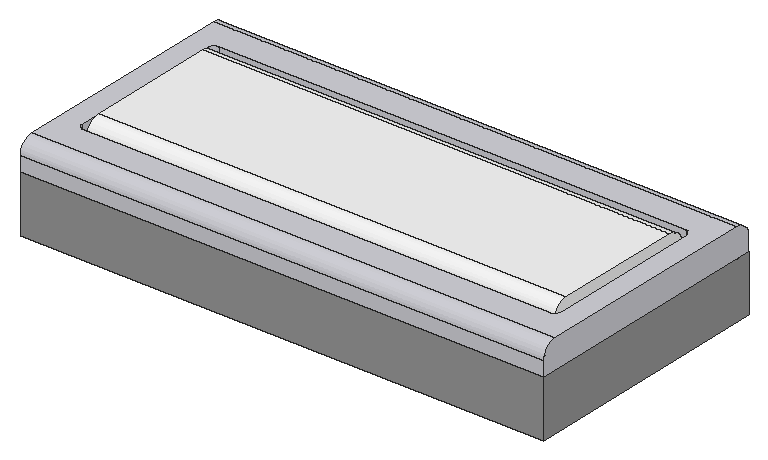
Revit family "Domotics-DomesticRanges-GEWISS-CHORUS_SIGNALLING-LAMP_SEGNAPASSO", category Apparecchi elettrici, host Superficie, Revit 2016
Family settings
  Host = Superficie
  Mantenere orientamento annotazione = Sì
  Tipo di parte = Normale
  Quota connettore circolare = Usa diametro
  Taglio con vuoti quando caricato = Sì
  Condiviso = Sì
  Punto di calcolo locali = Sì
Parameters (values of type "GW14656 - Stair lamp, 12Vac/dc-230V transp 4M titanium")
  Version file RFA = "19.0"
  URL = "https://www.gewiss.com/ww/en"
  Type of lamp = "LED"
  Tipo_ = Chorus Spie Segnapasso_GENERICO : GW14656 Spia segnapasso 12Vac/dc-230Vac trasp. 4M titanio
  Technical sheet = "https://www.gewiss.com/ww/en/search?q=GW14656"
  Supply voltage = "12V ac/dc - 230V ac 50/60 Hz"
  Simbolo [instance] = yes
  SEO = "Stair riser"
  Realized by GEWISS S.p.A. = ""
  Default Elevation = 1219.2 mm
  Produttore = "GEWISS S.p.A."
  Offset_spia [instance] = 0 mm
  Offset_bidimensionale [instance] = 2 mm
  No. Chorus modules: = "4"
  No. Chorus modules = "4"
  Modello = "GW14656"
  Lamp = "LED"
  Immagine tipo = GW14656.jpg
  IFC.TypeObject = ""
  IFC.ExportType = ""
  IFC.ExportAs = ""
  IDT = "7ad02f16-8718-46e2-86df-e67d5684812c"
  IDF = "3898863c-1291-4867-8252-5e3774995598"
  Electrocod = "0132"
  EAN code = "8011564268654"
  Distanza_effettiva_x [instance] = 1500 mm - Distanza_x  # 1500 mm
  Distanza_x [instance] = 0 mm
  Diffuser colour = "Opal"
  Descrizione = "STAIR LAMP, 12VAC/DC-230VAC TRANSP 4M T"
  Description. = "Stair riser lamp"
  Colour = "Titanium"
  Catalogue Range = "CHORUS - DOMESTIC RANGE"
  Catalogue = "DOMOTICS"
  COBie.Tagnumber = ""
  COBie.CreatedOn = ""
  COBie.CreatebBy = ""
  COBie.ComponentRegisterItemID = ""
  COBie.Component.TagNumber = ""
  COBie.Component.Space = ""
  COBie.Component.SerialNumber = ""
  COBie.Component.InstallationDate = ""
  COBie.Component.Description = ""
  COBie.Component.BarCode = ""
  4M = yes
  2M = no
Types (6, lengths in mm): name | Tipo_ | Technical sheet | Offset_bidimensionale | No. Chorus modules: | No. Chorus modules | Modello | Immagine tipo | IDT | EAN code | Descrizione | Colour | 4M | 2M
  GW10651 - Stair lamp 12Vac/dc-230V transp 2M white | Chorus Spie Segnapasso_GENERICO : GW10651 Spia segnapasso 12Vac/dc-230Vac trasp. 2M bianco | "https://www.gewiss.com/ww/en/search?q=GW10651" | 32 | "2" | "2" | "GW10651" | GW10651.jpg | "d3387e98-6fab-42cc-a7fd-0b7e711f853f" | "8011564257719" | "STAIR LAMP 12VAC/DC-230VAC TRANSP 2M W" | "White" | no | yes
  GW10656 - Stair lamp 12Vac/dc-230V transp 4M white | Chorus Spie Segnapasso_GENERICO : GW10656 Spia segnapasso 12Vac/dc-230Vac trasp. 4M bianco | "https://www.gewiss.com/ww/en/search?q=GW10656" | 2 | "4" | "4" | "GW10656" | GW10656.jpg | "154b7eae-d784-4569-bcf1-1064f53b84f5" | "8011564262959" | "STAIR LAMP 12VAC/DC-230VAC TRANSP 4M W" | "White" | yes | no
  GW12651 - Stair lamp 12Vac/dc-230V transp 2M black | Chorus Spie Segnapasso_GENERICO : GW12651 Spia segnapasso 12Vac/dc-230Vac trasp. 2M nero | "https://www.gewiss.com/ww/en/search?q=GW12651" | 2 | "2" | "2" | "GW12651" | GW12651.jpg | "9530e1eb-4fc4-45b0-b03d-078ce84f488e" | "8011564269330" | "STAIR LAMP 12VAC/DC-230VAC TRANSP 2M B" | "Black" | no | yes
  GW12656 - Stair lamp 12Vac/dc-230V transp 4M black | Chorus Spie Segnapasso_GENERICO : GW12656 Spia segnapasso 12Vac/dc-230Vac trasp. 4M nero | "https://www.gewiss.com/ww/en/search?q=GW12656" | 2 | "4" | "4" | "GW12656" | GW12656.jpg | "38224bfb-95ce-4e98-a7f8-92d650a1aa76" | "8011564267404" | "STAIR LAMP 12VAC/DC-230VAC TRANSP 4M B" | "Black" | yes | no
  GW14651 - Stair lamp, 12Vac/dc-230V transp 2M titanium | Chorus Spie Segnapasso_GENERICO : GW14651 Spia segnapasso 12Vac/dc-230Vac trasp. 2M titanio | "https://www.gewiss.com/ww/en/search?q=GW14651" | 2 | "2" | "2" | "GW14651" | GW14651.jpg | "d6316b04-de8e-43c9-afa8-08ecf0c8fde4" | "8011564268647" | "STAIR LAMP, 12VAC/DC-230VAC TRANSP 2M T" | "Titanium" | no | yes
  GW14656 - Stair lamp, 12Vac/dc-230V transp 4M titanium | Chorus Spie Segnapasso_GENERICO : GW14656 Spia segnapasso 12Vac/dc-230Vac trasp. 4M titanio | "https://www.gewiss.com/ww/en/search?q=GW14656" | 2 | "4" | "4" | "GW14656" | GW14656.jpg | "7ad02f16-8718-46e2-86df-e67d5684812c" | "8011564268654" | "STAIR LAMP, 12VAC/DC-230VAC TRANSP 4M T" | "Titanium" | yes | no
Reference planes
  plane 1 "Centro (Fronte/Retro)": y = 0
  plane 2: z = 0
  plane 3 "Centro (Sinistra/Destra)": x = 0
  plane 4: x = 0
  plane 5: x = -1500
  plane 6: z = 19.623
  plane 7: z = 17.623
  plane 8: z = 0
  plane 9: x = 46
  plane 10: x = -46
Lines and regions (mm)
  Masking region 1
    outline origin (0, 0, 0) x (1, 0, 0) y (0, 0, 1)
      loop
        line (-57.05, 17.623) -> (-57.05, 0) -> (57.05, 0) -> (57.05, 17.623) -> (-57.05, 17.623)
  model lines, style "ElectricalFixtures", visible <- "4M", not visible, detail levels coarse
    curve 1: arc (-222.974, 12.432, 0) -> (-223.598, 12.174, 0) -> (-223.856, 11.551, 0) r 0.882
    curve 2: arc (-140.887, 11.551, 0) -> (-141.145, 12.174, 0) -> (-141.769, 12.432, 0) r 0.882
    curve 3: arc (-223.856, -11.325, 0) -> (-223.598, -11.949, 0) -> (-222.974, -12.207, 0) r 0.882
    curve 4: line (-228.371, -22.5, 0) -> (-228.371, 22.5, 0)
    curve 5: line (-228.371, 22.5, 0) -> (-136.371, 22.5, 0)
    curve 6: line (-136.371, 22.5, 0) -> (-136.371, -22.5, 0)
    curve 7: line (-136.371, -22.5, 0) -> (-228.371, -22.5, 0)
    curve 8: line (-222.974, 12.432, 0) -> (-141.769, 12.432, 0)
    curve 9: line (-223.856, -11.325, 0) -> (-223.856, 11.551, 0)
    curve 10: line (-140.887, -11.325, 0) -> (-140.887, 11.551, 0)
    curve 11: line (-222.974, -12.207, 0) -> (-141.769, -12.207, 0)
    curve 12: arc (-141.769, -12.207, 0) -> (-141.145, -11.949, 0) -> (-140.887, -11.325, 0) r 0.882
  model lines, style "ElectricalFixtures", visible <- "2M", not visible, detail levels coarse
    curve 13: arc (-330.507, 13.562, 0) -> (-331.189, 13.28, 0) -> (-331.471, 12.598, 0) r 0.965
    curve 14: arc (-289.614, 12.598, 0) -> (-289.897, 13.28, 0) -> (-290.579, 13.562, 0) r 0.965
    curve 15: arc (-331.471, -12.431, 0) -> (-331.189, -13.113, 0) -> (-330.507, -13.395, 0) r 0.965
    curve 16: line (-333.673, -22.5, 0) -> (-333.673, 22.5, 0)
    curve 17: line (-333.673, 22.5, 0) -> (-287.673, 22.5, 0)
    curve 18: line (-287.673, 22.5, 0) -> (-287.673, -22.5, 0)
    curve 19: line (-287.673, -22.5, 0) -> (-333.673, -22.5, 0)
    curve 20: line (-330.507, 13.562, 0) -> (-290.579, 13.562, 0)
    curve 21: line (-331.471, -12.431, 0) -> (-331.471, 12.598, 0)
    curve 22: line (-289.614, -12.431, 0) -> (-289.614, 12.598, 0)
    curve 23: line (-330.507, -13.395, 0) -> (-290.579, -13.395, 0)
    curve 24: arc (-290.579, -13.395, 0) -> (-289.897, -13.113, 0) -> (-289.614, -12.431, 0) r 0.965
  model lines, style "ElectricalFixtures", visible <- "2M", detail levels coarse
    curve 25: arc (-19.834, 13.562, 19.623) -> (-20.516, 13.28, 19.623) -> (-20.798, 12.598, 19.623) r 0.965
    curve 26: arc (21.059, 12.598, 19.623) -> (20.776, 13.28, 19.623) -> (20.094, 13.562, 19.623) r 0.965
    curve 27: arc (-20.798, -12.431, 19.623) -> (-20.516, -13.113, 19.623) -> (-19.834, -13.395, 19.623) r 0.965
    curve 28: line (-23, -22.5, 19.623) -> (-23, 22.5, 19.623)
    curve 29: line (-23, 22.5, 19.623) -> (23, 22.5, 19.623)
    curve 30: line (23, 22.5, 19.623) -> (23, -22.5, 19.623)
    curve 31: line (23, -22.5, 19.623) -> (-23, -22.5, 19.623)
    curve 32: line (-19.834, 13.562, 19.623) -> (20.094, 13.562, 19.623)
    curve 33: line (-20.798, -12.431, 19.623) -> (-20.798, 12.598, 19.623)
    curve 34: line (21.059, -12.431, 19.623) -> (21.059, 12.598, 19.623)
    curve 35: line (-19.834, -13.395, 19.623) -> (20.094, -13.395, 19.623)
    curve 36: arc (20.094, -13.395, 19.623) -> (20.776, -13.113, 19.623) -> (21.059, -12.431, 19.623) r 0.965
  model lines, style "ElectricalFixtures", visible <- "4M", detail levels coarse
    curve 37: arc (-40.603, 12.432, 19.623) -> (-41.226, 12.174, 19.623) -> (-41.484, 11.551, 19.623) r 0.882
    curve 38: arc (41.484, 11.551, 19.623) -> (41.226, 12.174, 19.623) -> (40.603, 12.432, 19.623) r 0.882
    curve 39: arc (-41.484, -11.325, 19.623) -> (-41.226, -11.949, 19.623) -> (-40.603, -12.207, 19.623) r 0.882
    curve 40: line (-46, -22.5, 19.623) -> (-46, 22.5, 19.623)
    curve 41: line (-46, 22.5, 19.623) -> (46, 22.5, 19.623)
    curve 42: line (46, 22.5, 19.623) -> (46, -22.5, 19.623)
    curve 43: line (46, -22.5, 19.623) -> (-46, -22.5, 19.623)
    curve 44: line (-40.603, 12.432, 19.623) -> (40.603, 12.432, 19.623)
    curve 45: line (-41.484, -11.325, 19.623) -> (-41.484, 11.551, 19.623)
    curve 46: line (41.484, -11.325, 19.623) -> (41.484, 11.551, 19.623)
    curve 47: line (-40.603, -12.207, 19.623) -> (40.603, -12.207, 19.623)
    curve 48: arc (40.603, -12.207, 19.623) -> (41.226, -11.949, 19.623) -> (41.484, -11.325, 19.623) r 0.882
Dimensions and locks
  "Distanza_effettiva_x": plane 5 to plane 4
  plane 5 to plane 3 "Centro (Sinistra/Destra)" = 1500 mm
  "Offset_bidimensionale": plane 6 to plane 7
  "Offset_spia": plane 8 to plane 2
  locked: plane 7 to plane 8 at 17.623
  aligned and locked: plane 2 to host face
  aligned and locked: level to host face
  aligned and locked: plane 3 "Centro (Sinistra/Destra)" to nested 1
  aligned and locked: plane 1 "Centro (Fronte/Retro)" to nested 1
  aligned and locked: plane 4 to nested 2
  aligned and locked: Masking region 1 sketch curve to nested 1  (x4)
  aligned and locked: plane 6 to curve 31
  aligned and locked: plane 6 to curve 43
  aligned and locked: plane 8 to nested 1
Automatic sketch dimensions
  host sketch curve to host sketch curve = 2438.4 mm  (x2)
Nested families
  nested 1: "Chorus Spie Segnapasso_GENERICO" at (0, 0, 0), type <- "Tipo_", type "GW14656 Spia segnapasso 12Vac/dc-230Vac trasp. 4M titanio", detail levels medium+fine
    with Altezza da Terra 750 mm
  nested 2: "SPIE" at (0, -43.589, 0), SIMBOLO <- "Simbolo", type "SEGNAP"
    with SIMBOLO yes, Distanza dal muro 4.208 mm, BORDO ACCESO yes
Definition of nested family "Chorus Spie Segnapasso_GENERICO"
  Parameters (values of type "GW14656 Spia segnapasso 12Vac/dc-230Vac trasp. 4M titanio")
    Sp_base = 10 mm
    Offset_bidimensionale = 6.915 mm
    Larghezza = 92 mm
    Finitura Chorus Spia = none
    Finitura Chorus Placca = none
    Altezza da Terra [instance] = 750 mm
  Types (6, lengths in mm): name | Larghezza
    GW10651 Spia segnapasso 12Vac/dc-230Vac trasp. 2M bianco | 46
    GW10656 Spia segnapasso 12Vac/dc-230Vac trasp. 4M bianco | 92
    GW12651 Spia segnapasso 12Vac/dc-230Vac trasp. 2M nero | 46
    GW12656 Spia segnapasso 12Vac/dc-230Vac trasp. 4M nero | 92
    GW14651 Spia segnapasso 12Vac/dc-230Vac trasp. 2M titanio | 46
    GW14656 Spia segnapasso 12Vac/dc-230Vac trasp. 4M titanio | 92
  Reference planes
    plane 1 "Centro (Fronte/Retro)": y = 0
    plane 2: z = 10
    plane 3 "Centro (Sinistra/Destra)": x = 0
    plane 4: y = -22.5
    plane 5: y = 22.5
    plane 6: y = 14.879
    plane 7: y = -14.879
    plane 8: x = -46
    plane 9: x = 46
    plane 10: x = -42.103
    plane 11: x = 42.103
    plane 12: z = 24.538
    plane 13: x = -41.103
    plane 14: x = 41.103
    plane 15: y = 13.879
    plane 16: y = -13.879
    plane 17: z = 0
    plane 18: x = -57.05
    plane 19: x = 57.05
    plane 20: z = 17.623
  Forms (mm)
    Extrusion 1, solid, material <- "Finitura Chorus Placca"
      sketch origin (0, -772.5, 15) x (0, 0, -1) y (0, 1, 0)
        loop
          line (2.5, 750) -> (5, 750) -> (5, 795) -> (2.5, 795)
          arc (2.5, 795) -> (0.732, 794.268) -> (0, 792.5) r 2.5
          line (0, 792.5) -> (0, 752.5)
          arc (0, 752.5) -> (0.732, 750.732) -> (2.5, 750) r 2.5
      from -46 to 46
    Extrusion 2, void
      sketch origin (0.35, -772.5, 15) x (1, 0, 0) y (0, 1, 0)
        loop
          arc (-41.388, 787.379) -> (-42.141, 787.067) -> (-42.453, 786.314) r 1.065
          line (-42.453, 786.314) -> (-42.453, 758.686)
          arc (-42.453, 758.686) -> (-42.141, 757.933) -> (-41.388, 757.621) r 1.065
          line (-41.388, 757.621) -> (40.688, 757.621)
          arc (40.688, 757.621) -> (41.441, 757.933) -> (41.753, 758.686) r 1.065
          line (41.753, 758.686) -> (41.753, 786.314)
          arc (41.753, 786.314) -> (41.441, 787.067) -> (40.688, 787.379) r 1.065
          line (40.688, 787.379) -> (-41.388, 787.379)
      from -2.5 to 0
    Extrusion 3, solid, material <- "Finitura Chorus Spia"
      sketch origin (0, -772.5, 15) x (0, 0, -1) y (0, 1, 0)
        loop
          line (2.5, 786.379) -> (1.5, 786.379)
          arc (1.5, 786.379) -> (-0.268, 785.647) -> (-1, 783.879) r 2.5
          line (-1, 783.879) -> (-1, 761.121)
          arc (-1, 761.121) -> (-0.268, 759.353) -> (1.5, 758.621) r 2.5
          line (1.5, 758.621) -> (2.5, 758.621) -> (2.5, 786.379)
      from -41.103 to 41.103
    Extrusion 4, solid, material <- "Finitura Chorus Placca", not visible
      sketch origin (-0.35, -772.5, 5) x (0, 0, -1) y (0, 1, 0)
        loop
          line (2.5, 750) -> (5, 750) -> (5, 795) -> (2.5, 795)
          arc (2.5, 795) -> (0.732, 794.268) -> (0, 792.5) r 2.5
          line (0, 792.5) -> (0, 752.5)
          arc (0, 752.5) -> (0.732, 750.732) -> (2.5, 750) r 2.5
      from -23 to 23
    Extrusion 5, void, not visible
      sketch origin (0, -772.5, 5) x (1, 0, 0) y (0, 1, 0)
        loop
          arc (-18.388, 787.379) -> (-19.141, 787.067) -> (-19.453, 786.314) r 1.065
          line (-19.453, 786.314) -> (-19.453, 758.686)
          arc (-19.453, 758.686) -> (-19.141, 757.933) -> (-18.388, 757.621) r 1.065
          line (-18.388, 757.621) -> (17.688, 757.621)
          arc (17.688, 757.621) -> (18.441, 757.933) -> (18.753, 758.686) r 1.065
          line (18.753, 758.686) -> (18.753, 786.314)
          arc (18.753, 786.314) -> (18.441, 787.067) -> (17.688, 787.379) r 1.065
          line (17.688, 787.379) -> (-18.388, 787.379)
      from -2.5 to 0
    Extrusion 6, solid, material <- "Finitura Chorus Spia", not visible
      sketch origin (-0.35, -772.5, 5) x (0, 0, -1) y (0, 1, 0)
        loop
          line (2.5, 786.379) -> (1.5, 786.379)
          arc (1.5, 786.379) -> (-0.268, 785.647) -> (-1, 783.879) r 2.5
          line (-1, 783.879) -> (-1, 761.121)
          arc (-1, 761.121) -> (-0.268, 759.353) -> (1.5, 758.621) r 2.5
          line (1.5, 758.621) -> (2.5, 758.621) -> (2.5, 786.379)
      from -18.103 to 18.103
    Extrusion 7, solid
      sketch origin (0, 0, 0) x (1, 0, 0) y (0, 1, 0)
        loop
          line (-46, 22.5) -> (-46, -22.5) -> (46, -22.5) -> (46, 22.5) -> (-46, 22.5)
      from 0 to 10
  Cuts and joins
    Extrusion 2 cuts Extrusion 1
  Dimensions and locks
    equal spacing: plane 9, plane 3 "Centro (Sinistra/Destra)", plane 8
    "Larghezza": plane 9 to plane 8
    locked: plane 10 to plane 8 at 3.897
    locked: plane 13 to plane 10 at 1
    locked: plane 14 to plane 11 at 1
    locked: plane 11 to plane 9 at 3.897
    plane 8 to plane 9 = 92 mm
    equal spacing: plane 5, plane 1 "Centro (Fronte/Retro)", plane 4
    locked: plane 5 to plane 4 at 45
    equal spacing: plane 15, plane 1 "Centro (Fronte/Retro)", plane 16
    plane 6 to plane 7 = 29.758 mm
    equal spacing: plane 6, plane 1 "Centro (Fronte/Retro)", plane 7
    "Sp_base": plane 2 to plane 17
    aligned and locked: cut or joined group of Extrusion 1, Extrusion 2 to plane 2
    aligned and locked: plane 9 to Extrusion 7 sketch curve
    aligned and locked: Extrusion 7 sketch curve to plane 5
    aligned and locked: plane 8 to Extrusion 7 sketch curve
    aligned and locked: plane 4 to Extrusion 7 sketch curve
    aligned and locked: plane 2 to Extrusion 7
    aligned and locked: Extrusion 3 to plane 13
    aligned and locked: Extrusion 2 to plane 10
    aligned and locked: Extrusion 1 to plane 8
    aligned and locked: Extrusion 3 to plane 14
    aligned and locked: Extrusion 1 to plane 9
  Automatic sketch dimensions
    Extrusion 3 sketch curve to Extrusion 3 sketch curve = 2.5 mm  (x2)
    Extrusion 1 sketch curve to Extrusion 1 sketch curve = 2.5 mm  (x3)
    Extrusion 1 sketch curve to Extrusion 1 sketch curve = 40 mm
    Extrusion 2 sketch curve to Extrusion 2 sketch curve = 1.065 mm  (x3)
    Extrusion 2 sketch curve to Extrusion 2 sketch curve = 82.076 mm
    Extrusion 2 sketch curve to Extrusion 2 sketch curve = 0 mm
    Extrusion 2 sketch curve to Extrusion 2 sketch curve = 27.629 mm
    Extrusion 3 sketch curve to Extrusion 3 sketch curve = 1 mm
    Extrusion 3 sketch curve to Extrusion 3 sketch curve = 22.758 mm
    Extrusion 6 sketch curve to Extrusion 6 sketch curve = 2.5 mm  (x2)
    Extrusion 4 sketch curve to Extrusion 4 sketch curve = 2.5 mm  (x3)
    Extrusion 4 sketch curve to Extrusion 4 sketch curve = 40 mm
    Extrusion 5 sketch curve to Extrusion 5 sketch curve = 1.065 mm  (x3)
    Extrusion 5 sketch curve to Extrusion 5 sketch curve = 36.076 mm
    Extrusion 5 sketch curve to Extrusion 5 sketch curve = 0 mm
    Extrusion 5 sketch curve to Extrusion 5 sketch curve = 27.629 mm
    Extrusion 6 sketch curve to Extrusion 6 sketch curve = 1 mm
    Extrusion 6 sketch curve to Extrusion 6 sketch curve = 22.758 mm
    Extrusion 1 sketch curve to plane 5 = 0 mm
    Extrusion 1 sketch curve to plane 2 = 0 mm
    Extrusion 2 sketch curve to plane 10 = 0 mm
    Extrusion 2 sketch curve to plane 7 = 0 mm
    Extrusion 3 sketch curve to plane 16 = 0 mm
    Extrusion 3 sketch curve to plane 20 = 1.623 mm
Definition of nested family "SPIE"
  Parameters (values of type "SEGNAP")
    tipo = SPIE_BASE : SEGNAP
    SIMBOLO [instance] = yes
    Distanza dal muro [instance] = 4.208 mm
    BORDO ACCESO [instance] = yes
  Types (3, lengths in mm): name | tipo
    SPIE DOPPIE | SPIE_BASE : SPIE DOPPIE
    SPIE | SPIE_BASE : SPIE
    SEGNAP | SPIE_BASE : SEGNAP
  Reference planes
    plane 1: y = 0
    plane 2: x = 0
  Lines and regions (mm)
    detail lines, visible <- "BORDO ACCESO", not visible
      curve 1: line (-2.25, 0.412, 0) -> (2.25, 0.412, 0)
      curve 2: line (2.25, 0.412, 0) -> (2.25, -5.588, 0)
      curve 3: line (2.25, -5.588, 0) -> (-2.25, -5.588, 0)
      curve 4: line (-2.25, -5.588, 0) -> (-2.25, 0.412, 0)
      curve 30: line (-1.85, 0.012, 0) -> (1.85, 0.012, 0)
      curve 31: line (1.85, 0.012, 0) -> (1.85, -5.188, 0)
      curve 32: line (1.85, -5.188, 0) -> (-1.85, -5.188, 0)
      curve 33: line (-1.85, -5.188, 0) -> (-1.85, 0.012, 0)
      curve 34: line (-2.25, 6, 0) -> (2.25, 6, 0)
      curve 35: line (2.25, 6, 0) -> (2.25, 0, 0)
      curve 36: line (2.25, 0, 0) -> (-2.25, 0, 0)
      curve 37: line (-2.25, 0, 0) -> (-2.25, 6, 0)
      curve 61: line (-1.85, 5.6, 0) -> (1.85, 5.6, 0)
      curve 62: line (1.85, 5.6, 0) -> (1.85, 0.4, 0)
      curve 63: line (1.85, 0.4, 0) -> (-1.85, 0.4, 0)
      curve 64: line (-1.85, 0.4, 0) -> (-1.85, 5.6, 0)
      curve 65: line (-2.443, 10.208, 0) -> (2.057, 10.208, 0)
      curve 66: line (2.057, 10.208, 0) -> (2.057, 4.208, 0)
      curve 67: line (2.057, 4.208, 0) -> (-2.443, 4.208, 0)
      curve 68: line (-2.443, 4.208, 0) -> (-2.443, 10.208, 0)
      curve 69: line (-2.043, 9.808, 0) -> (1.657, 9.808, 0)
      curve 70: line (1.657, 9.808, 0) -> (1.657, 4.608, 0)
      curve 71: line (1.657, 4.608, 0) -> (-2.043, 4.608, 0)
      curve 72: line (-2.043, 4.608, 0) -> (-2.043, 9.808, 0)
    detail lines, not visible
      curve 5: line (-9.473, -5.588, 0) -> (10.527, -5.588, 0)
      curve 6: circle (-0.56, -0.487, 0) r 0.969 normal (0, 0, 1)
      curve 7: line (-0.005, 0.306, 0) -> (0.852, 1.529, 0)
      curve 8: line (0.852, 1.529, 0) -> (1.529, 1.047, 0)
      curve 9: circle (-0.56, -315.487, 0) r 0.969 normal (0, 0, 1)
      curve 10: line (-0.005, -314.694, 0) -> (0.852, -313.471, 0)
      curve 11: line (0.852, -313.471, 0) -> (1.529, -313.953, 0)
      curve 12: line (-1.245, -314.803, 0) -> (0.124, -316.172, 0)
      curve 13: line (0.124, -314.803, 0) -> (-1.245, -316.172, 0)
      curve 14: circle (-0.56, -480.487, 0) r 0.969 normal (0, 0, 1)
      curve 15: line (-0.005, -479.694, 0) -> (0.852, -478.471, 0)
      curve 16: line (0.852, -478.471, 0) -> (1.529, -478.953, 0)
      curve 17: line (0.493, -478.983, 0) -> (1.167, -479.462, 0)
      curve 18: circle (-0.56, -880.487, 0) r 0.969 normal (0, 0, 1)
      curve 19: line (-0.005, -879.694, 0) -> (0.852, -878.471, 0)
      curve 20: line (0.852, -878.471, 0) -> (1.529, -878.953, 0)
      curve 21: line (-1.245, -879.803, 0) -> (0.124, -881.172, 0)
      curve 22: line (0.124, -879.803, 0) -> (-1.245, -881.172, 0)
      curve 23: line (0.493, -878.983, 0) -> (1.167, -879.462, 0)
      curve 24: circle (-0.56, -365.487, 0) r 0.969 normal (0, 0, 1)
      curve 25: line (-0.005, -364.694, 0) -> (0.852, -363.471, 0)
      curve 26: line (0.852, -363.471, 0) -> (1.529, -363.953, 0)
      curve 27: line (-0.56, -364.925, 0) -> (-0.56, -366.05, 0)
      curve 28: line (0.493, -363.983, 0) -> (1.167, -364.462, 0)
      curve 29: line (0, 3.621, 0) -> (0, -16.379, 0)
      curve 38: circle (-0.56, 2.417, 0) r 0.969 normal (0, 0, 1)
      curve 39: line (-0.005, 3.21, 0) -> (0.852, 4.433, 0)
      curve 40: line (0.852, 4.433, 0) -> (1.529, 3.951, 0)
      curve 41: circle (-0.56, 2.417, 0) r 0.969 normal (0, 0, 1)
      curve 42: line (-0.005, 3.21, 0) -> (0.852, 4.433, 0)
      curve 43: line (0.852, 4.433, 0) -> (1.529, 3.951, 0)
      curve 44: line (-1.245, 3.102, 0) -> (0.124, 1.732, 0)
      curve 45: line (0.124, 3.102, 0) -> (-1.245, 1.732, 0)
      curve 46: circle (-0.56, 2.417, 0) r 0.969 normal (0, 0, 1)
      curve 47: line (-0.005, 3.21, 0) -> (0.852, 4.433, 0)
      curve 48: line (0.852, 4.433, 0) -> (1.529, 3.951, 0)
      curve 49: circle (-0.56, 2.417, 0) r 0.969 normal (0, 0, 1)
      curve 50: line (-0.005, 3.21, 0) -> (0.852, 4.433, 0)
      curve 51: line (0.852, 4.433, 0) -> (1.529, 3.951, 0)
      curve 52: line (-1.245, 3.102, 0) -> (0.124, 1.732, 0)
      curve 53: line (0.124, 3.102, 0) -> (-1.245, 1.732, 0)
      curve 54: line (0.493, 3.921, 0) -> (1.167, 3.442, 0)
      curve 55: line (0.493, 3.921, 0) -> (1.167, 3.442, 0)
      curve 56: circle (-0.56, 2.417, 0) r 0.969 normal (0, 0, 1)
      curve 57: line (-0.005, 3.21, 0) -> (0.852, 4.433, 0)
      curve 58: line (0.852, 4.433, 0) -> (1.529, 3.951, 0)
      curve 59: line (-0.56, 2.979, 0) -> (-0.56, 1.854, 0)
      curve 60: line (0.493, 3.921, 0) -> (1.167, 3.442, 0)
  Dimensions and locks
    "Distanza dal muro": plane 1 to nested 1
    aligned and locked: curve 5 to curve 3
    aligned and locked: plane 2 to nested 1
  Nested families
    nested 1: "SPIE_BASE" at (0, 4.208, 0), BORDO ACCESO <- "BORDO ACCESO", type <- "tipo", visible <- "SIMBOLO", type "SEGNAP"
      with BORDO ACCESO yes
  Definition of nested family "SPIE_BASE"
    Parameters (values of type "SPIE DOPPIE")
      SPIE DOPPIE = yes
      SPIE = no
      SEGNAP = no
      Distanza dal muro = 4.208 mm
      BORDO ACCESO [instance] = yes
    Types (3, lengths in mm): name | SPIE DOPPIE | SPIE | SEGNAP
      SPIE | no | yes | no
      SPIE DOPPIE | yes | no | no
      SEGNAP | no | yes | yes
    Reference planes
      plane 1: y = 0
      plane 2: x = 0
    Lines and regions (mm)
      detail lines, visible <- "BORDO ACCESO", not visible
        curve 1: line (-2.25, 0.412, 0) -> (2.25, 0.412, 0)
        curve 2: line (2.25, 0.412, 0) -> (2.25, -5.588, 0)
        curve 3: line (2.25, -5.588, 0) -> (-2.25, -5.588, 0)
        curve 4: line (-2.25, -5.588, 0) -> (-2.25, 0.412, 0)
        curve 30: line (-1.85, 0.012, 0) -> (1.85, 0.012, 0)
        curve 31: line (1.85, 0.012, 0) -> (1.85, -5.188, 0)
        curve 32: line (1.85, -5.188, 0) -> (-1.85, -5.188, 0)
        curve 33: line (-1.85, -5.188, 0) -> (-1.85, 0.012, 0)
        curve 34: line (-2.25, 6, 0) -> (2.25, 6, 0)
        curve 35: line (2.25, 6, 0) -> (2.25, 0, 0)
        curve 36: line (2.25, 0, 0) -> (-2.25, 0, 0)
        curve 37: line (-2.25, 0, 0) -> (-2.25, 6, 0)
        curve 61: line (-1.85, 5.6, 0) -> (1.85, 5.6, 0)
        curve 62: line (1.85, 5.6, 0) -> (1.85, 0.4, 0)
        curve 63: line (1.85, 0.4, 0) -> (-1.85, 0.4, 0)
        curve 64: line (-1.85, 0.4, 0) -> (-1.85, 5.6, 0)
        curve 65: line (-2.443, 10.208, 0) -> (2.057, 10.208, 0)
        curve 66: line (2.057, 10.208, 0) -> (2.057, 4.208, 0)
        curve 67: line (2.057, 4.208, 0) -> (-2.443, 4.208, 0)
        curve 68: line (-2.443, 4.208, 0) -> (-2.443, 10.208, 0)
        curve 69: line (-2.043, 9.808, 0) -> (1.657, 9.808, 0)
        curve 70: line (1.657, 9.808, 0) -> (1.657, 4.608, 0)
        curve 71: line (1.657, 4.608, 0) -> (-2.043, 4.608, 0)
        curve 72: line (-2.043, 4.608, 0) -> (-2.043, 9.808, 0)
      detail lines, not visible
        curve 5: line (-9.473, -5.588, 0) -> (10.527, -5.588, 0)
        curve 6: circle (-0.56, -0.487, 0) r 0.969 normal (0, 0, 1)
        curve 7: line (-0.005, 0.306, 0) -> (0.852, 1.529, 0)
        curve 8: line (0.852, 1.529, 0) -> (1.529, 1.047, 0)
        curve 9: circle (-0.56, -315.487, 0) r 0.969 normal (0, 0, 1)
        curve 10: line (-0.005, -314.694, 0) -> (0.852, -313.471, 0)
        curve 11: line (0.852, -313.471, 0) -> (1.529, -313.953, 0)
        curve 12: line (-1.245, -314.803, 0) -> (0.124, -316.172, 0)
        curve 13: line (0.124, -314.803, 0) -> (-1.245, -316.172, 0)
        curve 14: circle (-0.56, -480.487, 0) r 0.969 normal (0, 0, 1)
        curve 15: line (-0.005, -479.694, 0) -> (0.852, -478.471, 0)
        curve 16: line (0.852, -478.471, 0) -> (1.529, -478.953, 0)
        curve 17: line (0.493, -478.983, 0) -> (1.167, -479.462, 0)
        curve 18: circle (-0.56, -880.487, 0) r 0.969 normal (0, 0, 1)
        curve 19: line (-0.005, -879.694, 0) -> (0.852, -878.471, 0)
        curve 20: line (0.852, -878.471, 0) -> (1.529, -878.953, 0)
        curve 21: line (-1.245, -879.803, 0) -> (0.124, -881.172, 0)
        curve 22: line (0.124, -879.803, 0) -> (-1.245, -881.172, 0)
        curve 23: line (0.493, -878.983, 0) -> (1.167, -879.462, 0)
        curve 24: circle (-0.56, -365.487, 0) r 0.969 normal (0, 0, 1)
        curve 25: line (-0.005, -364.694, 0) -> (0.852, -363.471, 0)
        curve 26: line (0.852, -363.471, 0) -> (1.529, -363.953, 0)
        curve 27: line (-0.56, -364.925, 0) -> (-0.56, -366.05, 0)
        curve 28: line (0.493, -363.983, 0) -> (1.167, -364.462, 0)
        curve 29: line (0, 3.621, 0) -> (0, -16.379, 0)
        curve 38: circle (-0.56, 2.417, 0) r 0.969 normal (0, 0, 1)
        curve 39: line (-0.005, 3.21, 0) -> (0.852, 4.433, 0)
        curve 40: line (0.852, 4.433, 0) -> (1.529, 3.951, 0)
        curve 41: circle (-0.56, 2.417, 0) r 0.969 normal (0, 0, 1)
        curve 42: line (-0.005, 3.21, 0) -> (0.852, 4.433, 0)
        curve 43: line (0.852, 4.433, 0) -> (1.529, 3.951, 0)
        curve 44: line (-1.245, 3.102, 0) -> (0.124, 1.732, 0)
        curve 45: line (0.124, 3.102, 0) -> (-1.245, 1.732, 0)
        curve 46: circle (-0.56, 2.417, 0) r 0.969 normal (0, 0, 1)
        curve 47: line (-0.005, 3.21, 0) -> (0.852, 4.433, 0)
        curve 48: line (0.852, 4.433, 0) -> (1.529, 3.951, 0)
        curve 49: circle (-0.56, 2.417, 0) r 0.969 normal (0, 0, 1)
        curve 50: line (-0.005, 3.21, 0) -> (0.852, 4.433, 0)
        curve 51: line (0.852, 4.433, 0) -> (1.529, 3.951, 0)
        curve 52: line (-1.245, 3.102, 0) -> (0.124, 1.732, 0)
        curve 53: line (0.124, 3.102, 0) -> (-1.245, 1.732, 0)
        curve 54: line (0.493, 3.921, 0) -> (1.167, 3.442, 0)
        curve 55: line (0.493, 3.921, 0) -> (1.167, 3.442, 0)
        curve 56: circle (-0.56, 2.417, 0) r 0.969 normal (0, 0, 1)
        curve 57: line (-0.005, 3.21, 0) -> (0.852, 4.433, 0)
        curve 58: line (0.852, 4.433, 0) -> (1.529, 3.951, 0)
        curve 59: line (-0.56, 2.979, 0) -> (-0.56, 1.854, 0)
        curve 60: line (0.493, 3.921, 0) -> (1.167, 3.442, 0)
      detail lines, visible <- "SPIE"
        curve 73: line (-0.354, 1.604, 0) -> (0.354, 0.896, 0)
        curve 74: circle (0, 1.25, 0) r 0.5 normal (0, 0, 1)
        curve 75: line (0.354, 1.604, 0) -> (-0.354, 0.896, 0)
      detail lines, visible <- "SPIE DOPPIE"
        curve 76: line (-0.354, 2.152, 0) -> (0.354, 1.445, 0)
        curve 77: circle (0, 1.799, 0) r 0.5 normal (0, 0, 1)
        curve 78: line (0.354, 2.152, 0) -> (-0.354, 1.445, 0)
        curve 79: line (-0.354, 0.348, 0) -> (0.354, 1.055, 0)
        curve 80: circle (0, 0.701, 0) r 0.5 normal (0, 0, -1)
        curve 81: line (0.354, 0.348, 0) -> (-0.354, 1.055, 0)
      detail lines, visible <- "SEGNAP"
        curve 82: line (-0.77, 1.96, 0) -> (0.77, 1.96, 0)
        curve 83: line (-0.77, 0.543, 0) -> (-0.77, 1.96, 0)
        curve 84: line (0.77, 0.543, 0) -> (-0.77, 0.543, 0)
        curve 85: line (0.77, 1.96, 0) -> (0.77, 0.543, 0)
    Dimensions and locks
      aligned and locked: curve 5 to curve 3
